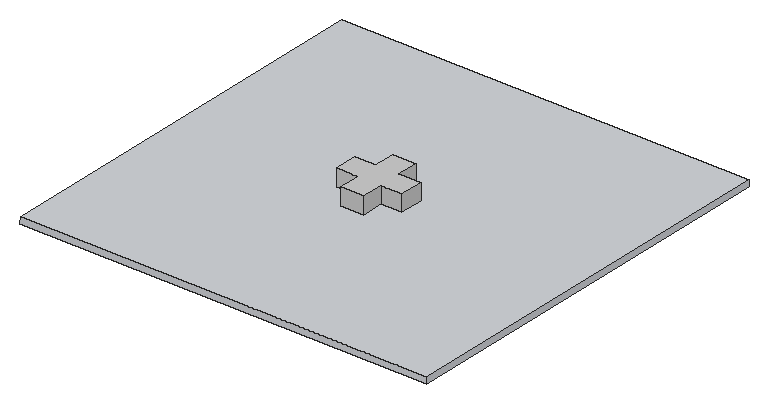
Revit family
Parameters (values of type "X Joiner/Feeder")
  URL = "www.lightingservicesinc.com/product.asp?productID=140"
  Suspension Length Note = "Distance from mounting surface to bottom of track"
  Suspension Length [instance] = 0' - 1 7/16"
  Surface Track Suspension Length Note = "for Surface Track, Suspension Length = 1 7/16\""
  Model Date = "26 March 2010"
  Model = "32X09"
  Mfr. Catalog # = ""
  Manufacturer = "Lighting Services Inc. "
  LSI Track Finish [instance] = LSI Track Finish
  Keynote = "26 55 59"
  Description = "120/250V 2 Ckt X Joiner/Feeder"
  Default Elevation = 4' - 0"
  Assembly Code = "D5020200"
Reference planes (in)
  plane 1 "Center (Front/Back)": y = 0
  plane 2: z = 0
  plane 3 "Center (Left/Right)": x = 0
  plane 4: x = -2.59375
  plane 5: x = 2.59375
  plane 6: y = 2.5863
  plane 7: y = -2.5863
  plane 8: y = 0.90625
  plane 9: y = -0.90625
  plane 10: x = -0.90625
  plane 11: x = 0.90625
  plane 12: z = 0.125
  plane 13: z = 1.4375
Forms (in)
  Extrusion 1, solid
    sketch origin (0, 0, 0) x (1, 0, 0) y (0, 1, 0)
      loop
        line (-15.59375, 15.84375) -> (-15.59375, -15.91751) -> (16.59127, -15.91751) -> (16.59127, 15.84375) -> (-15.59375, 15.84375)
    from 0 to -0.5
  Extrusion 2, solid, material "LSI Track Finish" <- "LSI Track Finish", detail levels medium+fine
    sketch origin (0, 0, 0) x (1, 0, 0) y (0, 1, 0)
      loop
        line (-2.59375, 0.90625) -> (-2.59375, -0.90625) -> (-0.90625, -0.90625) -> (-0.90625, -2.5863) -> (0.90625, -2.5863) -> (0.90625, -0.90625) -> (2.59375, -0.90625) -> (2.59375, 0.90625) -> (0.90625, 0.90625) -> (0.90625, 2.5863) -> (-0.90625, 2.5863) -> (-0.90625, 0.90625) -> (-2.59375, 0.90625)
    from 0.125 to 1.4375
Dimensions and locks (in)
  locked: plane 13 to plane 12 at 1.3125
  "Suspension Length": plane 13 to plane 2
  equal spacing: plane 8, plane 1 "Center (Front/Back)", plane 9, locked at 0.90625 each
  locked: plane 8 to plane 9 at 1.8125
  equal spacing: plane 10, plane 3 "Center (Left/Right)", plane 11, locked at 0.90625 each
  locked: plane 10 to plane 11 at 1.8125
  equal spacing: plane 4, plane 3 "Center (Left/Right)", plane 5, locked at 2.59375 each
  locked: plane 4 to plane 5 at 5.1875
  equal spacing: plane 6, plane 1 "Center (Front/Back)", plane 7, locked at 2.5863 each
  locked: plane 6 to plane 7 at 5.1726
  aligned and locked: plane 2 to Extrusion 1
  aligned and locked: level to Extrusion 1
  aligned and locked: plane 13 to Extrusion 2
  aligned and locked: Extrusion 2 to plane 12
  aligned and locked: plane 3 "Center (Left/Right)" to nested 1
  aligned and locked: plane 1 "Center (Front/Back)" to nested 1
Automatic sketch dimensions
  Extrusion 1 sketch curve to Extrusion 1 sketch curve = 2' - 8.18502"
  Extrusion 1 sketch curve to Extrusion 1 sketch curve = 2' - 7.76126"
  Extrusion 2 sketch curve to plane 4 = 0' - 0"
  Extrusion 2 sketch curve to plane 7 = 0' - 0"
  Extrusion 2 sketch curve to plane 10 = 0' - 0"  (x2)
  Extrusion 2 sketch curve to plane 11 = 0' - 0"  (x2)
  Extrusion 2 sketch curve to plane 6 = 0' - 0"
  Extrusion 2 sketch curve to plane 9 = 0' - 0"  (x2)
  Extrusion 2 sketch curve to plane 8 = 0' - 0"  (x2)
  Extrusion 2 sketch curve to plane 5 = 0' - 0"
Nested families (in)
  nested 1: "LSI X Joiner Plan View Symbol" at (63.06131, -9.84847, 0), type "X"
Connectors (in)
  electrical at (-1.75, 0.90625, 0.78125)
    settings: on Extrusion 2, index 1
  electrical at (-1.75, -0.90625, 0.78125)
    settings: on Extrusion 2, index 2
Definition of nested family "LSI X Joiner Plan View Symbol"
  Parameters (values of type "X")
    Assembly Code = ""
  Reference planes (in)
    plane 1 "Center (Front/Back)": y = 9.84847
    plane 2: z = 0
    plane 3 "Center (Left/Right)": x = -63.06131
    plane 4: y = 10.75472
    plane 5: y = 8.94222
    plane 6: x = -63.96756
    plane 7: x = -62.15506
    plane 8: x = -65.65506
    plane 9: x = -60.46756
    plane 10: y = 12.44222
    plane 11: y = 7.25472
  Lines and regions (in)
    detail lines, in view "Ref. Level"
      curve 1: line (-65.65506, 10.75472, 0) -> (-63.96756, 10.75472, 0)
      curve 2: line (-63.96756, 10.75472, 0) -> (-63.96756, 12.44222, 0)
      curve 3: line (-63.96756, 12.44222, 0) -> (-62.15506, 12.44222, 0)
      curve 4: line (-62.15506, 12.44222, 0) -> (-62.15506, 10.75472, 0)
      curve 5: line (-62.15506, 10.75472, 0) -> (-60.46756, 10.75472, 0)
      curve 6: line (-60.46756, 10.75472, 0) -> (-60.46756, 8.94222, 0)
      curve 7: line (-60.46756, 8.94222, 0) -> (-62.15506, 8.94222, 0)
      curve 8: line (-62.15506, 8.94222, 0) -> (-62.15506, 7.25472, 0)
      curve 9: line (-62.15506, 7.25472, 0) -> (-63.96756, 7.25472, 0)
      curve 10: line (-63.96756, 7.25472, 0) -> (-63.96756, 8.94222, 0)
      curve 11: line (-63.96756, 8.94222, 0) -> (-65.65506, 8.94222, 0)
      curve 12: line (-65.65506, 8.94222, 0) -> (-65.65506, 10.75472, 0)
  Dimensions and locks (in)
    locked: plane 4 to plane 5 at 1.8125
    equal spacing: plane 4, plane 1 "Center (Front/Back)", plane 5
    locked: plane 10 to plane 11 at 5.1875
    equal spacing: plane 6, plane 3 "Center (Left/Right)", plane 7
    locked: plane 6 to plane 7 at 1.8125
    locked: plane 8 to plane 3 "Center (Left/Right)" at 2.59375
    locked: plane 3 "Center (Left/Right)" to plane 9 at 2.59375
    locked: plane 10 to plane 1 "Center (Front/Back)" at 2.59375
    aligned and locked: plane 5 to curve 11
    aligned and locked: curve 1 to plane 4
    aligned and locked: plane 6 to curve 2
    aligned and locked: plane 6 to curve 10
    aligned and locked: curve 8 to plane 7
    aligned and locked: curve 4 to plane 7
    aligned and locked: curve 5 to plane 4
    aligned and locked: curve 6 to plane 9
  Automatic sketch dimensions
    curve 1 to plane 8 = 0' - 0"
    curve 3 to plane 10 = 0' - 0"
    curve 8 to plane 5 = 0' - 0"
    curve 9 to plane 11 = 0' - 0"
